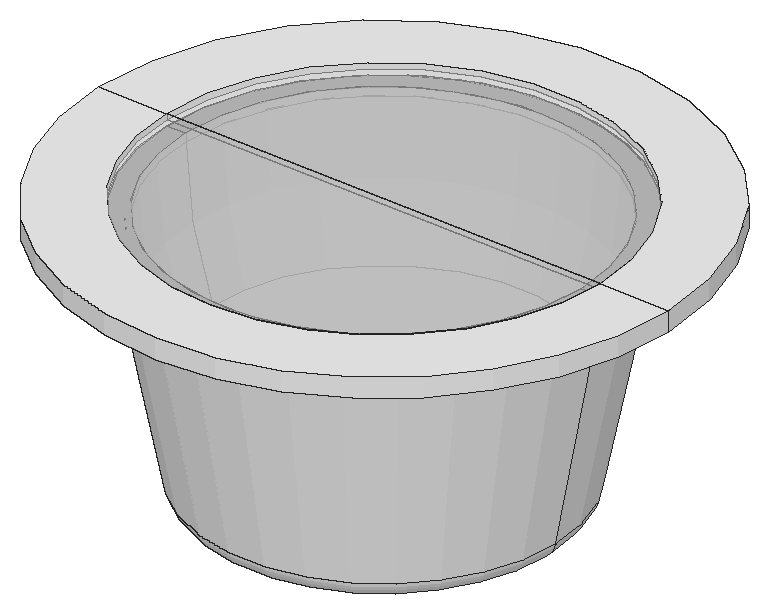
Revit family "2060540+2039013 Sylvania Lighting Fixture ASCENT 100 II ARCH 1000 3K STD 160 with IP54 PC Cover", category Lighting Fixtures, host Face, Revit 2016
Family settings
  Host = Face
  Part Type = Normal
  Round Connector Dimension = Use Diameter
  OmniClass Number = 23.80.70.11.17
  OmniClass Title = Specialized Lighting by Location or Use
  Cut with Voids When Loaded = No
  Light Source = Yes
  Shared = No
  Room Calculation Point = No
Parameters (values of type "2060540+2039013 ASCT100 II ARCH 1000 3K STD 160 with IP54 PC Cover")
  WidthBezelAcc_SYL = 25.0 mm
  Weight = "1.2 kg"
  Wattage = 7 W
  WarrantyStartDate [instance] = "n/a"
  WarrantyGuarantorParts = "n/a"
  WarrantyDurationUnit = "n/a"
  WarrantyDurationParts = "n/a"
  WarrantyDescription = "n/a"
  built-in parameter 1150110 = 1 (stored number, unit not read)
  Voltage = 0 V
  VisibilityAccessory_SYL = yes
  TypeName = "ASCENT 100 II ARCH 1000 3K STD 160 with IP54 PC Cover"
  built-in parameter 1114217 = 1 (stored number, unit not read)
  Tilt Angle = -90°
  built-in parameter 1150109 = 1 (stored number, unit not read)
  built-in parameter 1150134 = (empty or 0)
  built-in parameter 1150113 = 1 (stored number, unit not read)
  SerialNumber [instance] = "n/a"
  ReflectorRadius_SYL = Radius_SYL - 14.5 mm  # 80.0 mm
  RadiusAcc_SYL = 105.0 mm
  Radius_SYL = 94.5 mm
  URL = "http://www.sylvania-lighting.com"
  PowerFactor = 0
  PowerConsumption = "7 W"
  Photometric Web File = "2060540.ies"
  NominalWidth = 0.0 mm
  NominalLength = 0.0 mm
  NominalHeight = 94.0 mm
  Name = "ASCENT 100 II ARCH 1000 3K STD 160 with IP54 PC Cover"
  ModelReference = "ASCENT 100 II ARCH 1000 3K STD 160 with IP54 PC Cover"
  ModelNumber = "2060540+2039013"
  Material_4_SYL = none
  Material_3_SYL = Polycarbonate_Sylvania_Ascent_Clear
  Material_2_SYL = Aluminium_Sylvania_Ascent_Silver
  Material_1_SYL = Aluminum_Sylvania_Ascent_White
  Material = "aluminium housing, arcylic diffuser"
  ManufacturerName = "Feilo Sylvania"
  LuminousEfficacy = "138 lm/W"
  built-in parameter 1150105 = 76.872 (stored number, unit not read)
  Lumens = 966 lm
  LuminaireType = ""
  built-in parameter 1150115 = 1 (stored number, unit not read)
  LightOutputRatio = "100"
  built-in parameter 1150137 = (empty or 0)
  built-in parameter 1150139 = (empty or 0)
  LampsType = Lamp  # "LED"
  LampNominalLuminous = "968 lm"
  LampMacAdamStep = "3"
  LampColourTemperature = "3000 K"
  LampColourRenderingIndex = "80"
  built-in parameter 1150112 = 1 (stored number, unit not read)
  built-in parameter 1150114 = 1 (stored number, unit not read)
  Keynote = "16500"
  InstallationDate [instance] = "n/a"
  InputVoltage = "n/a"
  InputNominalFrequency = "n/a"
  built-in parameter 1150132 = (empty or 0)
  built-in parameter 1150102 = (empty or 0)
  built-in parameter 1150107 = 3000 (stored number, unit not read)
  built-in parameter 1150138 = (empty or 0)
  IngressProtection = "IP54"
  ImpactProtectionIndex = "IK02"
  built-in parameter 1150106 = 0.76872 (stored number, unit not read)
  IfcExportType = "IfcLightFixtureType"
  IfcExportAs = "IfcLightFixtureType"
  Height_SYL = 94.0 mm
  HeightAcc_SYL = 7.0 mm
  ExpectedLife = 50000
  EmittionSurface_SYL = if(VisibilityAccessory_SYL, 7.0 mm, 3.0 mm)  # 7.0 mm
  Emit from Circle Diameter = DiffuserRadius_SYL * 2  # 146.0 mm
  Emit Shape Visible in Rendering = no
  ElectricShockClassification = "Class II"
  built-in parameter 1150104 = 12.821 (stored number, unit not read)
  DurationUnit = "hours"
  DocumentationLiterature = "http://www.sylvania-lighting.com/product/en-int/products/2060540"
  DimmingControlOptions = "n/a"
  Dimming Lamp Color Temperature Shift = <None>
  DiffuserRadius_SYL = ReflectorRadius_SYL - 7.0 mm  # 73.0 mm
  Diameter_SYL = 2 * Radius_SYL  # 189.0 mm
  CutoutDiameter_SYL = Diameter_SYL - 13.0 mm  # 176.0 mm
  CreatedOn = "9/17/2018"
  CreatedBy = "@sylvania-lighting.com"
  Color Filter = 16777215
  built-in parameter 1114216 [instance] = 1 (stored number, unit not read)
  Model = "ASCENT 100 II ARCH 1000 3K STD 160 with IP54 PC Cover"
  Manufacturer = "Feilo Sylvania"
  Lamp = "LED"
  Description = "Direct LED retro fit for original LED 100 Arch (160) single CFL lamp offering Matching lumen levels and improved light distribution of original LED 100 CFL lamp equivalents Typically half the power consumption compared to CFL Up to 112lm/W 160mm aperture Architectural reflector accepts range of glass accessories from existing LED 100 Arch 160 offering HE, HO and VHO versions equivalent of single 1 x 18W, 1 x 32W, 1 x 42W\r\n Additional VVHO versions which offer the performance circa 2 x 32W equivalent"  # constant formula
  Default Elevation = 0.0 mm
  built-in parameter 1140040 [instance] = 1
  BarCode [instance] = "n/a"
  built-in parameter 1114218 = 1 (stored number, unit not read)
  built-in parameter 1150133 = 10 (stored number, unit not read)
  AssetType = "Fixed"
  AssetIdentifier [instance] = "n/a"
  Assembly Code = "D5020200"
  Apparent Load = 7 VA
  Aperture_SYL = 2 * ReflectorRadius_SYL  # 160.0 mm
Reference planes
  plane 1 "Center (Front/Back)": y = 0
  plane 2: z = 0
  plane 3 "Center (Left/Right)": x = 0
  plane 4 "Fixture Bottom": z = 3
  plane 5: z = -52.5
  plane 6 "Fixture Top": z = -91
  plane 7: x = -105
  plane 8: z = 7
  plane 9: x = -80
  plane 10: z = 5
  plane 11: x = -103
Forms (mm)
  Extrusion 1, solid, material "Aluminum_Sylvania_Ascent_White", detail levels fine
    sketch origin (0, 0, 0) x (1, 0, 0) y (0, 1, 0)
      loop
        circle (0, 0) r 94.5
      loop
        circle (0, 0) r 80
    from 0 to 3
  Extrusion 2, void
    sketch origin (0, 0, 0) x (1, 0, 0) y (0, 1, 0)
      loop
        circle (0, 0) r 88
    from -91 to 3
  Revolve 3, solid, material "Aluminum_Sylvania_Ascent_White" <- "Material_1_SYL", detail levels fine
    sketch origin (0, 0, 0) x (1, 0, 0) y (0, 0, 1)
      loop
        line (0, -91.073) -> (0, -89.023) -> (-55.468, -89.014)
        arc (-55.468, -89.014) -> (-59.352, -87.613) -> (-61.54, -84.139) r 6.307
        line (-61.54, -84.139) -> (-77.991, -2.844) -> (-77.991, 0) -> (-80, 0) -> (-80, -3) -> (-63.5, -84.536)
        arc (-63.5, -84.536) -> (-60.643, -89.203) -> (-55.5, -91.073) r 8.291
        line (-55.5, -91.073) -> (0, -91.073)
      axis (0, 0) -> (0, -91.073)
    angle from 0 to 360
  Revolve 4, solid, material "Aluminium_Sylvania_Ascent_Silver" <- "Material_2_SYL", detail levels fine
    sketch origin (0, 0, 0) x (1, 0, 0) y (0, 0, 1)
      loop
        line (-80, 3) -> (-80, 0) -> (-75, 0)
        arc (-75, 0) -> (-72.349, -26.77) -> (-64.5, -52.5) r 136.5
        line (-64.5, -52.5) -> (-58, -52.5)
        arc (-58, -52.5) -> (-56.857, -61.521) -> (-53.5, -69.971) r 36.166
        line (-53.5, -69.971) -> (0, -69.971) -> (0, -50.5) -> (-63.16, -50.5)
        arc (-63.16, -50.5) -> (-70.517, -25.725) -> (-73, 0) r 134.5
        line (-73, 0) -> (-73, 3) -> (-80, 3)
      axis (0, 3) -> (0, -69.971)
    angle from 0 to 360
  Extrusion 5, solid, material "Polycarbonate_Sylvania_Ascent_Clear" <- "Material_3_SYL", detail levels fine
    sketch origin (0, 0, 0) x (1, 0, 0) y (0, 1, 0)
      loop
        circle (0, 0) r 73
    from 0 to 3
  Revolve 6, solid, material "Aluminum_Sylvania_Ascent_White" <- "Material_1_SYL", detail levels coarse+medium
    sketch origin (0, 0, 0) x (1, 0, 0) y (0, 0, 1)
      loop
        line (0, -91.073) -> (0, 3) -> (-94.5, 3) -> (-94.5, 0) -> (-79.5, 0) -> (-79.5, -3) -> (-63, -84.536)
        arc (-63, -84.536) -> (-60.143, -89.203) -> (-55, -91.073) r 8.291
        line (-55, -91.073) -> (0, -91.073)
      axis (0, 3) -> (0, -91.073)
    angle from 0 to 360
  Revolve 7, solid, material "Aluminum_Sylvania_Ascent_White" <- "Material_1_SYL", visible <- "VisibilityAccessory_SYL"
    sketch origin (0, 0, 0) x (1, 0, 0) y (0, 0, 1)
      loop
        line (-105, 0) -> (-103, 0) -> (-103, 5) -> (-80, 5) -> (-80, 7) -> (-105, 7) -> (-105, 0)
      axis (0, 7) -> (0, 0)
    angle from 0 to 360
  Revolve 8, solid, material "Polycarbonate_Sylvania_Ascent_Clear" <- "Material_3_SYL", visible <- "VisibilityAccessory_SYL"
    sketch origin (0, 0, 0) x (1, 0, 0) y (0, 0, 1)
      loop
        line (-80, 7) -> (-80, 5) -> (0, 5) -> (0, 7) -> (-80, 7)
      axis (0, 7) -> (0, 5)
    angle from 0 to 360
Lines and regions (mm)
  reference lines
    curve 1: line (-150, 0, 7) -> (125, 0, 7)
Dimensions and locks
  locked: plane 4 "Fixture Bottom" to plane 2 at 3
  "Height_SYL": plane 4 "Fixture Bottom" to plane 6 "Fixture Top"
  "ReflectorRadius_SYL": plane 3 "Center (Left/Right)" to Revolve 4 sketch curve
  locked: Revolve 4 sketch curve to Revolve 4 sketch curve at 15.5
  locked: Revolve 4 sketch curve to Revolve 4 sketch curve at 5
  locked: Revolve 4 sketch curve to Revolve 4 sketch curve at 7
  locked: Revolve 4 sketch curve to Revolve 4 sketch curve at 22
  locked: Revolve 4 sketch curve to Revolve 4 sketch curve at 26.5
  locked: Revolve 3 sketch curve to Revolve 3 sketch curve at 16.5
  locked: Revolve 3 sketch curve to Revolve 3 sketch curve at 24.5
  "ReflectorRadius_SYL": Revolve 3 sketch curve to plane 3 "Center (Left/Right)"
  locked: Revolve 3 sketch curve to plane 6 "Fixture Top" at 6.464
  locked: plane 2 to Revolve 3 sketch curve at 3
  locked: Revolve 3 sketch curve to Revolve 3 sketch curve at 2
  locked: Revolve 3 sketch curve to Revolve 3 sketch curve at 2.009
  locked: plane 2 to plane 5 at 52.5
  locked: Revolve 6 sketch curve to Revolve 6 sketch curve at 31.5
  locked: Revolve 6 sketch curve to Revolve 6 sketch curve at 39.5
  locked: Revolve 6 sketch curve to Revolve 6 sketch curve at 15
  "Radius_SYL": plane 3 "Center (Left/Right)" to Revolve 6 sketch curve
  "RadiusAcc_SYL": plane 3 "Center (Left/Right)" to plane 7
  "HeightAcc_SYL": plane 8 to level
  "WidthBezelAcc_SYL": plane 7 to plane 9
  locked: plane 7 to plane 11 at 2
  locked: plane 8 to plane 10 at 2
  "EmittionSurface_SYL": curve 1 to level
  "CutoutDiameter_SYL": diameter of Extrusion 2 sketch curve
  "ReflectorRadius_SYL": radius of Extrusion 1 sketch curve
  "DiffuserRadius_SYL": radius of Extrusion 5 sketch curve
  "Radius_SYL": radius of Extrusion 1 sketch curve
  aligned and locked: host face to plane 2
  aligned and locked: host face to level
  aligned and locked: plane 4 "Fixture Bottom" to Extrusion 1
  aligned and locked: Extrusion 1 to plane 2
  aligned and locked: Revolve 3 sketch curve to plane 3 "Center (Left/Right)"
  aligned and locked: Revolve 4 sketch curve to plane 3 "Center (Left/Right)"  (x2)
  aligned and locked: plane 4 "Fixture Bottom" to Revolve 4 sketch curve
  aligned and locked: Extrusion 5 to plane 2
  aligned and locked: plane 2 to Revolve 3 sketch curve  (x2)
  aligned and locked: Revolve 6 sketch curve to plane 3 "Center (Left/Right)"
  aligned and locked: plane 6 "Fixture Top" to Extrusion 2
  aligned and locked: Revolve 7 sketch curve to plane 3 "Center (Left/Right)"
  aligned and locked: host face to Revolve 7 sketch curve  (x2)
  aligned and locked: Revolve 7 sketch curve to plane 7
  aligned and locked: plane 8 to Revolve 7 sketch curve
  aligned and locked: plane 9 to Revolve 7 sketch curve
  aligned and locked: Revolve 7 sketch curve to plane 10
  aligned and locked: plane 11 to Revolve 7 sketch curve
  aligned and locked: Revolve 7 to Revolve 8 sketch curve
  aligned and locked: Revolve 8 sketch curve to Revolve 7  (x2)
  aligned and locked: Revolve 8 sketch curve to plane 3 "Center (Left/Right)"  (x2)
  aligned and locked: plane 3 "Center (Left/Right)" to imposter light
  aligned and locked: imposter light to plane 1 "Center (Front/Back)"
  aligned and locked: imposter light to curve 1
Automatic sketch dimensions
  plane 1 "Center (Front/Back)" to Extrusion 2 sketch curve = 0.0 mm
  Extrusion 2 sketch curve to plane 3 "Center (Left/Right)" = 0.0 mm
  Extrusion 1 sketch curve to Extrusion 1 sketch curve = 0.0 mm  (x2)
  plane 1 "Center (Front/Back)" to Extrusion 1 sketch curve = 0.0 mm
  Extrusion 1 sketch curve to plane 3 "Center (Left/Right)" = 0.0 mm
  plane 6 "Fixture Top" to Revolve 3 sketch curve = 0.073 mm
  Revolve 3 sketch curve to plane 6 "Fixture Top" = 6.861 mm
  Revolve 3 sketch curve to Revolve 3 sketch curve = 0.003 mm
  Revolve 3 sketch curve to Revolve 3 sketch curve = 0.009 mm  (x2)
  Revolve 3 sketch curve to Revolve 3 sketch curve = 0.023 mm
  Revolve 3 sketch curve to Revolve 3 sketch curve = 0.072 mm
  Revolve 3 sketch curve to Revolve 3 sketch curve = 0.008 mm
  Revolve 3 sketch curve to plane 6 "Fixture Top" = 1.977 mm
  Revolve 3 sketch curve to Revolve 3 sketch curve = 33.496 mm
  Revolve 3 sketch curve to Revolve 3 sketch curve = 0.028 mm
  plane 4 "Fixture Bottom" to Revolve 3 sketch curve = 82.431 mm
  Revolve 4 sketch curve to Revolve 4 sketch curve = 0.0 mm  (x2)
  Revolve 4 sketch curve to plane 5 = 0.0 mm
  Revolve 4 sketch curve to level = 0.0 mm
  plane 5 to Revolve 4 sketch curve = 2.0 mm
  plane 4 "Fixture Bottom" to Revolve 4 sketch curve = 9.642 mm
  plane 1 "Center (Front/Back)" to Extrusion 5 sketch curve = 0.0 mm
  Extrusion 5 sketch curve to plane 3 "Center (Left/Right)" = 0.0 mm
  Revolve 4 sketch curve to level = 69.971 mm
  Revolve 4 sketch curve to Revolve 4 sketch curve = 2.387 mm
  Revolve 6 sketch curve to level = 0.0 mm
  Revolve 6 sketch curve to plane 3 "Center (Left/Right)" = 0.0 mm
  Revolve 6 sketch curve to Revolve 6 sketch curve = 8.104 mm
  Revolve 6 sketch curve to level = 3.0 mm
  Revolve 6 sketch curve to plane 6 "Fixture Top" = 6.464 mm
  plane 6 "Fixture Top" to Revolve 6 sketch curve = 0.073 mm
  Revolve 6 sketch curve to Revolve 6 sketch curve = 33.496 mm
  plane 4 "Fixture Bottom" to Revolve 6 sketch curve = 82.431 mm
  host sketch curve to host sketch curve = 1704.996 mm
  host sketch curve to host sketch curve = 1500.0 mm
  plane 6 "Fixture Top" to Revolve 7 sketch curve = 281.274 mm
  Revolve 7 sketch curve to plane 8 = 1140.706 mm
  plane 6 "Fixture Top" to Revolve 8 sketch curve = 281.274 mm
  Revolve 8 sketch curve to Revolve 8 sketch curve = 1140.706 mm
  Revolve 3 sketch curve to plane 3 "Center (Left/Right)" = 0.0 mm
  Revolve 6 sketch curve to plane 4 "Fixture Bottom" = 0.0 mm
  plane 7 to curve 1 = 45.0 mm
  plane 3 "Center (Left/Right)" to curve 1 = 125.0 mm
Connectors
  electrical at (0, 0, -91.073), driven by "Apparent Load"
    settings: on Revolve 3, index 1, voltage 240 V, apparent load 0 VA, apparent load phase1 7 VA, apparent load phase2 0 VA, apparent load phase3 0 VA, power factor 1, load classification "Lighting", number of poles 1, system type 31, power factor state 1, is connector primary yes, connector utility no, sub classification motor no, connector description ""
